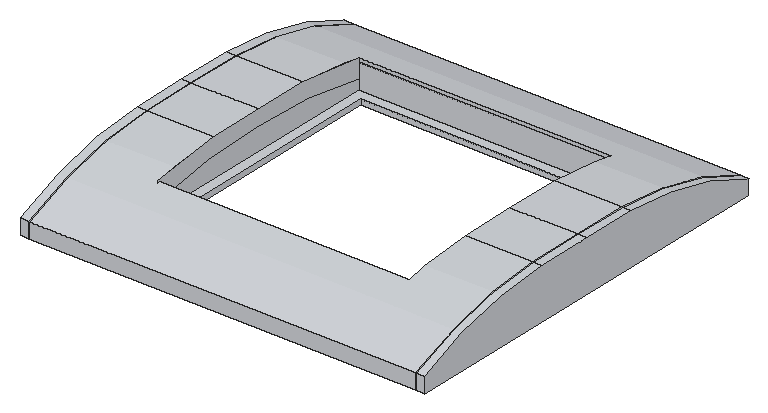
Revit family "Gira_021136", category Electrical Fixtures, host Face, Revit 2017
Family settings
  Host = Face
  Maintain Annotation Orientation = No
  Round Connector Dimension = Use Diameter
  Part Type = Normal
  Cut with Voids When Loaded = No
  Shared = No
  Room Calculation Point = No
Parameters (values of type "Abdeckrahmen 1f Zwischenr. F Alu Gira Event F Alu")
  Werkstoffgüte = "Thermoplast"
  Werkstoff = "Kunststoff"
  URL = "http://katalog.gira.de/de_DE/datenblatt.html?artikelnr=021136"
  Transparent = "No"
  Textfeld/Beschriftungsfläche = "No"
  Schutzart (IP) = "IP20"
  Region = "DE"
  Oberfläche = "sonstige"
  Name = "Abdeckrahmen 1f Zwischenr. F Alu Gira Event F Alu"
  Montagerichtung = "horizontal und vertikal"
  Mit Montagerahmen = "No"
  Mit Klappdeckel = "No"
  Manufacturer URL = "https://www.gira.de/"
  Keynote = "Event_Rahmen_1fach"
  HeinzeBIM = "https://bimportal.heinze.de/bim/abdeckrahmen-1f-zwischenr-f-alu-gira-event-f-alu/20987029a92f44db51da3f03857a1d379acc9d7b"
  Halogenfrei = "Yes"
  HAN = "021136"
  Geeignet für Unterputz-Installation = "Yes"
  Geeignet für Unterflurkanaldose = "No"
  Geeignet für Geräteeinbaukanal = "No"
  Geeignet für Einbauinstallation = "No"
  GTIN = "4010337211365"
  Farbe = "aluminium"
  Default Elevation = 1219.2 mm
  Data sheet (1) = "https://katalog.gira.de/de_DE/download.html?artikelnr=021136"
  Category = "Abdeckrahmen"
  Befestigungsart = "Klemmbefestigung"
  Available = "Yes"
  Anzahl der Einheiten vertikal = "1 "
  Anzahl der Einheiten horizontal = "1 "
  Anzahl der Einheiten = "1 "
Reference planes
  plane 1 "Center (Front/Back)": y = 0
  plane 2: z = 0
  plane 3 "Center (Left/Right)": x = 0
Forms (mm)
  Extrusion 1, solid, detail levels fine
    sketch origin (0, 0, 1.55) x (0, 1, 0) y (0, 0, 1)
      loop
        arc (12.445, 9.683) -> (6.223, 9.833) -> (0, 9.85) r 291.636
        arc (0, 9.85) -> (-6.223, 9.833) -> (-12.445, 9.683) r 291.636
        arc (-12.445, 9.683) -> (-29.14, 7.482) -> (-45, 1.823) r 79.728
        line (-45, 1.823) -> (-45, -1.55) -> (-41.777, -1.55) -> (-41.777, -0.55)
        arc (-41.777, -0.55) -> (-21.205, 4.846) -> (0, 6.467) r 118.15
        arc (0, 6.467) -> (21.205, 4.846) -> (41.777, -0.55) r 118.15
        line (41.777, -0.55) -> (41.777, -1.55) -> (45, -1.55) -> (45, 1.823)
        arc (45, 1.823) -> (29.14, 7.482) -> (12.445, 9.683) r 79.728
    from -43 to 43
  Extrusion 2, void, detail levels fine
    sketch origin (0, 0, 0) x (1, 0, 0) y (0, 1, 0)
      loop
        line (-28, -28) -> (28, -28) -> (28, 28) -> (-28, 28) -> (-28, -28)
    from 2.85 to 12
  Extrusion 3, solid, detail levels coarse
    sketch origin (0, 0, 0) x (1, 0, 0) y (0, 1, 0)
      loop
        line (-45, 45) -> (-45, -45) -> (45, -45) -> (45, 45) -> (-45, 45)
    from 0 to 11.4
  Extrusion 4, solid, detail levels medium
    sketch origin (0, 0, 1.55) x (0, 1, 0) y (0, 0, 1)
      loop
        arc (12.445, 9.683) -> (6.223, 9.833) -> (0, 9.85) r 291.636
        arc (0, 9.85) -> (-6.223, 9.833) -> (-12.445, 9.683) r 291.636
        arc (-12.445, 9.683) -> (-29.14, 7.482) -> (-45, 1.823) r 79.728
        line (-45, 1.823) -> (-45, -1.55) -> (45, -1.55) -> (45, 1.823)
        arc (45, 1.823) -> (29.14, 7.482) -> (12.445, 9.683) r 79.728
    from -45 to 45
  Extrusion 5, solid, detail levels fine
    sketch origin (0, 0, 0) x (0, 1, 0) y (0, 0, 1)
      loop
        arc (45, 3.373) -> (29.14, 9.032) -> (12.445, 11.233) r 79.728
        arc (12.445, 11.233) -> (6.223, 11.383) -> (0, 11.4) r 291.636
        arc (0, 11.4) -> (-6.223, 11.383) -> (-12.445, 11.233) r 291.636
        arc (-12.445, 11.233) -> (-29.14, 9.032) -> (-45, 3.373) r 79.728
        line (-45, 3.373) -> (-45, 0) -> (45, 0) -> (45, 3.373)
    from 43 to 45
  Extrusion 6, solid, detail levels fine
    sketch origin (0, 0, 0) x (0, 1, 0) y (0, 0, -1)
      loop
        line (45, -3.373) -> (45, 0) -> (-45, 0) -> (-45, -3.373)
        arc (-45, -3.373) -> (-29.14, -9.032) -> (-12.445, -11.233) r 79.728
        arc (-12.445, -11.233) -> (-6.223, -11.383) -> (0, -11.4) r 291.636
        arc (0, -11.4) -> (6.223, -11.383) -> (12.445, -11.233) r 291.636
        arc (12.445, -11.233) -> (29.14, -9.032) -> (45, -3.373) r 79.728
    from 43 to 45
  Extrusion 7, solid, detail levels fine
    sketch origin (0, 0, 0) x (1, 0, 0) y (0, 1, 0)
      loop
        line (-25.7, 25.7) -> (-25.7, -25.7) -> (25.7, -25.7) -> (25.7, 25.7) -> (-25.7, 25.7)
      loop
        line (-29.495, 27.895) -> (-29.495, -27.895)
        spline (-29.495, -27.895) -> (-29.486, -28.025) -> (-29.461, -28.154) -> (-29.419, -28.278) -> (-29.361, -28.395) -> (-29.288, -28.504) -> (-29.202, -28.602) -> (-29.104, -28.688) -> (-28.995, -28.761) -> (-28.878, -28.819) -> (-28.754, -28.861) -> (-28.625, -28.886) -> (-28.495, -28.895)
        line (-28.495, -28.895) -> (28.495, -28.895)
        spline (28.495, -28.895) -> (28.625, -28.886) -> (28.754, -28.861) -> (28.878, -28.819) -> (28.995, -28.761) -> (29.104, -28.688) -> (29.202, -28.602) -> (29.288, -28.504) -> (29.361, -28.395) -> (29.419, -28.278) -> (29.461, -28.154) -> (29.486, -28.025) -> (29.495, -27.895)
        line (29.495, -27.895) -> (29.495, 27.895)
        spline (29.495, 27.895) -> (29.486, 28.025) -> (29.461, 28.154) -> (29.419, 28.278) -> (29.361, 28.395) -> (29.288, 28.504) -> (29.202, 28.602) -> (29.104, 28.688) -> (28.995, 28.761) -> (28.878, 28.819) -> (28.754, 28.861) -> (28.625, 28.886) -> (28.495, 28.895)
        line (28.495, 28.895) -> (-28.495, 28.895)
        spline (-28.495, 28.895) -> (-28.625, 28.886) -> (-28.754, 28.861) -> (-28.878, 28.819) -> (-28.995, 28.761) -> (-29.104, 28.688) -> (-29.202, 28.602) -> (-29.288, 28.504) -> (-29.361, 28.395) -> (-29.419, 28.278) -> (-29.461, 28.154) -> (-29.486, 28.025) -> (-29.495, 27.895)
    from 1.673 to 8.5
Cuts and joins
  Extrusion 2 cuts Extrusion 1
  Extrusion 2 cuts Extrusion 7
Dimensions and locks
  aligned and locked: plane 2 to host face
  aligned and locked: level to host face
